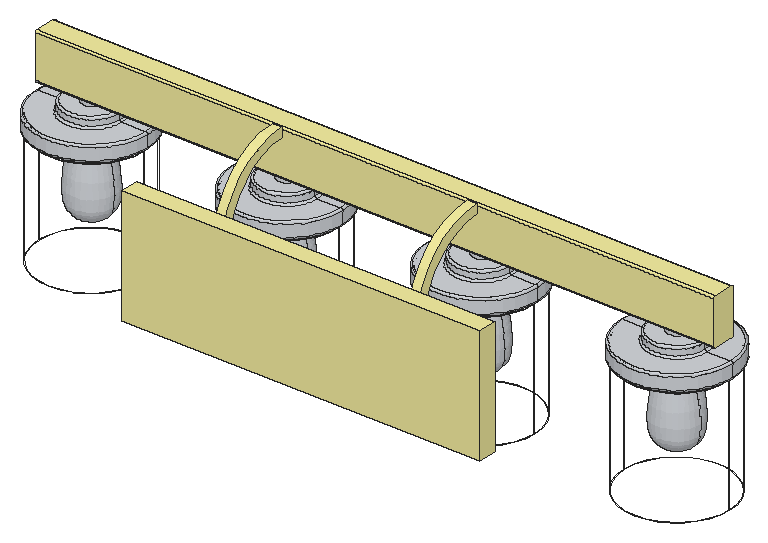
Revit family "Sconce Light", category Lighting Fixtures, host Wall, Revit 2020
Family settings
  Host = Wall
  Round Connector Dimension = Use Diameter
  Part Type = Normal
  Always vertical = Yes
  Cut with Voids When Loaded = No
  Light Source = No
  Shared = No
  Room Calculation Point = No
Parameters (values of type "Sconce")
  Width [instance] = 750 mm
  Sconce Type = Sconce1 : Sconce1
  Material = Wood
  Light Material = Light
  Glass Material = Glass
  Default Elevation = 0 mm
  Accent Material = Default New Material
Reference planes
  plane 1 "Wall": y = 0
  plane 2 "Center (Left/Right)": x = 125
  plane 3 "Back": y = 100
  plane 4: z = 1800
  plane 5: x = -250
  plane 6: x = 500
  plane 7: y = 115
Text (mm)
  text "Placement Side" at (-1848.837, 1116.779, 0), in view "Ref. Level"
  text "Placement side" at (0, 1409.804, 2854.306), in view "Left"
  text "Placement side" at (0, 499.811, 2980.732), in view "Right"
Dimensions and locks
  locked: plane 3 "Back" to host wall
  equal spacing: plane 6, plane 2 "Center (Left/Right)", plane 5
  "Width": plane 5 to plane 6
  plane 3 "Back" to plane 7 = 15 mm
  level to plane 4 = 1800 mm
  aligned and locked: plane 1 "Wall" to host wall
  aligned and locked: plane 2 "Center (Left/Right)" to nested 1
  aligned and locked: plane 4 to nested 1
Nested families
  nested 1: "Sconce1" at (0, 0, 715.29), type <- "Sconce Type", Material <- "Material", Width <- "Width", type "Sconce1"
    with Width 750 mm, Material Wood, Light Material none, Glazing Material Glass, Accent Material none
Definition of nested family "Sconce1"
  Parameters (values of type "Sconce1")
    Width [instance] = 750 mm
    Material [instance] = none
    Light Material [instance] = none
    Glazing Material [instance] = none
    Default Elevation = 0 mm
    Accent Material [instance] = none
  Reference planes
    plane 1 "Wall": y = 0
    plane 2 "Center (Left/Right)": x = 125
    plane 3 "Back": y = 75
    plane 4: z = 1084.71
    plane 5: z = 0
    plane 6: z = 1209.71
    plane 7: x = -67.444
    plane 8: x = 317.444
    plane 9: y = 95
    plane 10: x = -190
    plane 11: x = 230
    plane 12: x = 440
    plane 13: x = 20
    plane 14: y = 187.5
    plane 15: x = -250
    plane 16: x = 500
  Forms (mm)
    Extrusion 1, solid, material <- "Material"
      sketch origin (0, 75, 0) x (1, 0, 0) y (0, 0, 1)
        loop
          line (317.444, 1209.71) -> (-67.444, 1209.71) -> (-67.444, 1084.71) -> (317.444, 1084.71) -> (317.444, 1209.71)
      from 0 to -20
    Sweep 2, solid, material <- "Material"
      path origin (230, 570.848, 1200) x (0, 1, 0) y (0, 0, 1)
        loop
          line (-475.848, -85.29) -> (-475.848, -20.29)
          arc (-475.848, -20.29) -> (-452.416, 36.279) -> (-395.848, 59.71) r 80
      profile origin (230, 95, 1147.21) x (0, -1, 0) y (1, 0, 0)
        loop
          line (0, -5) -> (0, 5) -> (-10, 5) -> (-10, -5) -> (0, -5)
    Sweep 3, solid, material <- "Material"
      path origin (20, 570.848, 1200) x (0, 1, 0) y (0, 0, 1)
        loop
          line (-475.848, -85.29) -> (-475.848, -20.29)
          arc (-475.848, -20.29) -> (-452.416, 36.279) -> (-395.848, 59.71) r 80
      profile origin (20, 95, 1147.21) x (0, -1, 0) y (1, 0, 0)
        loop
          line (0, -5) -> (0, 5) -> (-10, 5) -> (-10, -5) -> (0, -5)
    Sweep 4, solid, material <- "Material"
      path origin (230, 175, 1259.71) x (1, 0, 0) y (0, 0, -1)
        loop
          line (260, 0) -> (-470.111, 0)
      profile origin (124.944, 175, 1259.71) x (0, 0, 1) y (0, 1, 0)
        loop
          line (0, 2) -> (0, 23)
          arc (0, 23) -> (-0.586, 24.414) -> (-2, 25) r 2
          line (-2, 25) -> (-48, 25)
          arc (-48, 25) -> (-49.414, 24.414) -> (-50, 23) r 2
          line (-50, 23) -> (-50, 2)
          arc (-50, 2) -> (-49.414, 0.586) -> (-48, 0) r 2
          line (-48, 0) -> (-2, 0)
          arc (-2, 0) -> (-0.586, 0.586) -> (0, 2) r 2
  Text (mm)
    text "Placement Side" at (-1848.837, 1116.779, 0), in view "Ref. Level"
    text "Placement side" at (0, 1409.804, 2854.306), in view "Left"
    text "Placement side" at (0, 499.811, 2980.732), in view "Right"
  Dimensions and locks
    locked: plane 3 "Back" to host wall
    locked: plane 11 to plane 8 at 87.444
    plane 3 "Back" to plane 9 = 20 mm
    equal spacing: plane 10, plane 13, plane 11, plane 12
    plane 8 to plane 12 = 122.556 mm
    plane 10 to plane 7 = 122.556 mm
    equal spacing: Sweep 2 sketch curve, plane 11, Sweep 2 sketch curve, locked at 5 each
    Sweep 3 sketch curve to Sweep 3 sketch curve = 10 mm
    locked: Sweep 4 sketch curve to plane 12 at 50
    locked: plane 10 to Sweep 4 sketch curve at 50.111
    locked: plane 14 to plane 9 at 92.5
    Sweep 4 sketch curve to plane 14 to Sweep 4 sketch curve = 12.5 mm locked, 12.5 mm locked
    locked: plane 15 to plane 10 at 60
    locked: plane 16 to plane 12 at 60
    equal spacing: plane 16, plane 2 "Center (Left/Right)", plane 15
    "Width": plane 15 to plane 16
    locked: plane 13 to plane 7 at 87.444
    aligned and locked: plane 1 "Wall" to host wall
    aligned and locked: level to plane 5
    aligned and locked: plane 4 to Extrusion 1 sketch curve
    aligned and locked: Extrusion 1 sketch curve to plane 6
    aligned and locked: Extrusion 1 sketch curve to plane 7
    aligned and locked: Extrusion 1 sketch curve to plane 8
    aligned and locked: plane 9 to Extrusion 1
    aligned and locked: plane 11 to nested 1
    aligned and locked: Sweep 4 sketch curve to Sweep 2
    aligned and locked: plane 6 to nested 1
    aligned and locked: plane 14 to nested 1
    aligned and locked: plane 13 to nested 2
    aligned and locked: plane 12 to nested 4
    aligned and locked: plane 10 to nested 3
    aligned and locked: plane 14 to nested 3
    aligned and locked: plane 14 to nested 2
    aligned and locked: plane 14 to nested 4
    aligned and locked: plane 6 to nested 4
    aligned and locked: plane 6 to nested 2
    aligned and locked: plane 6 to nested 3
  Automatic sketch dimensions
    Sweep 2 sketch curve to plane 9 = 0 mm
    Sweep 2 sketch curve to plane 6 = 30 mm
    Sweep 2 sketch curve to Sweep 2 sketch curve = 80 mm
    plane 4 to Sweep 2 sketch curve = 30 mm
    Sweep 2 sketch curve to profile plane = 0 mm
    plane 11 to Sweep 2 sketch curve = 5 mm
    profile plane to Sweep 2 sketch curve = 10 mm
    Sweep 3 sketch curve to profile plane = 0 mm
    profile plane to Sweep 3 sketch curve = 10 mm
    Sweep 3 sketch curve to profile plane = 5 mm
    profile plane to Sweep 3 sketch curve = 5 mm
    Sweep 3 sketch curve to plane 9 = 0 mm
    Sweep 3 sketch curve to plane 6 = 30 mm
    Sweep 3 sketch curve to Sweep 3 sketch curve = 80 mm
    plane 4 to Sweep 3 sketch curve = 30 mm
    profile plane to Sweep 4 sketch curve = 0 mm
    profile plane to Sweep 4 sketch curve = 2 mm  (x3)
    Sweep 4 sketch curve to Sweep 4 sketch curve = 46 mm
    Sweep 4 sketch curve to Sweep 4 sketch curve = 2 mm
  Nested families
    nested 1: "Lighting Device 2" at (230, 187.5, 1209.71), Accent Material <- "Accent Material", Glazing Material <- "Glazing Material", Light Material <- "Light Material", type "Lighting Device 2"
      with Light Material none, Glazing Material none, Accent Material none
    nested 2: "Lighting Device 2" at (20, 187.5, 1209.71), Accent Material <- "Accent Material", Glazing Material <- "Glazing Material", Light Material <- "Light Material", type "Lighting Device 2"
      with Light Material none, Glazing Material none, Accent Material none
    nested 3: "Lighting Device 2" at (-190, 187.5, 1209.71), Accent Material <- "Accent Material", Glazing Material <- "Glazing Material", Light Material <- "Light Material", type "Lighting Device 2"
      with Light Material none, Glazing Material none, Accent Material none
    nested 4: "Lighting Device 2" at (440, 187.5, 1209.71), Accent Material <- "Accent Material", Glazing Material <- "Glazing Material", Light Material <- "Light Material", type "Lighting Device 2"
      with Light Material none, Glazing Material none, Accent Material none
  Definition of nested family "Lighting Device 2"
    Parameters (values of type "Lighting Device 2")
      Wattage = 9.2903 W
      built-in parameter 1150110 = 1 (stored number, unit not read)
      built-in parameter 1114217 = 1 (stored number, unit not read)
      Tilt Angle = -90.00°
      built-in parameter 1150109 = 1 (stored number, unit not read)
      built-in parameter 1150134 = (empty or 0)
      built-in parameter 1150113 = 1 (stored number, unit not read)
      built-in parameter 1010507 = 1.5708 (stored number, unit not read)
      built-in parameter 1010506 = 0.5236 (stored number, unit not read)
      Lumens = 1380 lm
      built-in parameter 1150115 = 1 (stored number, unit not read)
      built-in parameter 1150105 = 4614.1 (stored number, unit not read)
      Light Source Symbol Length = 1000 mm
      Light Material [instance] = none
      built-in parameter 1150137 = (empty or 0)
      built-in parameter 1150139 = (empty or 0)
      built-in parameter 1150112 = 1 (stored number, unit not read)
      built-in parameter 1150114 = 1 (stored number, unit not read)
      built-in parameter 1150132 = 2
      built-in parameter 1150102 = (empty or 0)
      built-in parameter 1150138 = (empty or 0)
      built-in parameter 1150107 = 3000 (stored number, unit not read)
      built-in parameter 1150106 = 46.141 (stored number, unit not read)
      Glazing Material [instance] = none
      built-in parameter 1150104 = 13.8 (stored number, unit not read)
      Dimming Lamp Color Temperature Shift = (empty or 0)
      Default Elevation = 1219.2 mm
      Color Filter = 16777215
      built-in parameter 1114218 = 1 (stored number, unit not read)
      built-in parameter 1150133 = 10 (stored number, unit not read)
      Accent Material [instance] = none
    Reference planes
      plane 1 "Light Source Axis (F/B)": y = 0
      plane 2: z = 0
      plane 3 "Light Source Axis (L/R)": x = 0
      plane 4 "Light Source Elevation": z = -110
    Forms (mm)
      Revolve 1, solid, material <- "Accent Material"
        sketch origin (0, 0, 0) x (1, 0, 0) y (0, 0, 1)
          loop
            line (0, 0) -> (0, -21.904) -> (8.5, -21.904)
            arc (8.5, -21.904) -> (19.107, -26.297) -> (23.5, -36.904) r 15
            line (23.5, -36.904) -> (23.5, -51.904) -> (26, -51.904) -> (26, -16.904) -> (57, -16.904) -> (57, -30)
            arc (57, -30) -> (58.5, -31.5) -> (60, -30) r 1.5
            line (60, -30) -> (60, -17)
            arc (60, -17) -> (59.414, -15.586) -> (58, -15) r 2
            line (58, -15) -> (32, -15)
            arc (32, -15) -> (30.586, -14.414) -> (30, -13) r 2
            line (30, -13) -> (30, -7)
            arc (30, -7) -> (29.414, -5.586) -> (28, -5) r 2
            line (28, -5) -> (10, -5) -> (10, 0) -> (0, 0)
          axis (0, 0) -> (0, -51.904)
        angle from 0 to 360
      Revolve 2, solid, material <- "Glazing Material"
        sketch origin (0, 0, 0) x (1, 0, 0) y (0, 0, 1)
          loop
            line (57, -16.904) -> (56, -16.904) -> (56, -35) -> (56, -160) -> (57, -160) -> (57, -16.904)
          axis (0, -16.904) -> (0, -160)
        angle from 0 to 360
      Revolve 3, solid, material <- "Light Material"
        sketch origin (0, 0, 0) x (1, 0, 0) y (0, 0, 1)
          loop
            line (16.661, -46.589) -> (0, -46.589) -> (0, -116.059)
            spline (0, -116.059) -> (13.784, -114.294) -> (18.104, -111.154) -> (21.048, -107.672) -> (23.356, -103.303) -> (24.737, -97.128) -> (25.121, -88.958) -> (24.731, -79.514) -> (23.807, -69.569) -> (22.582, -60.151) -> (21.283, -52.746) -> (20.028, -48.757) -> (16.661, -46.589)
          axis (0, -46.589) -> (0, -116.059)
        angle from 0 to 360
    Dimensions and locks
      aligned and locked: plane 3 "Light Source Axis (L/R)" to imposter light
      aligned and locked: plane 1 "Light Source Axis (F/B)" to imposter light
      aligned and locked: plane 4 "Light Source Elevation" to imposter light
      aligned and locked: level to plane 2
